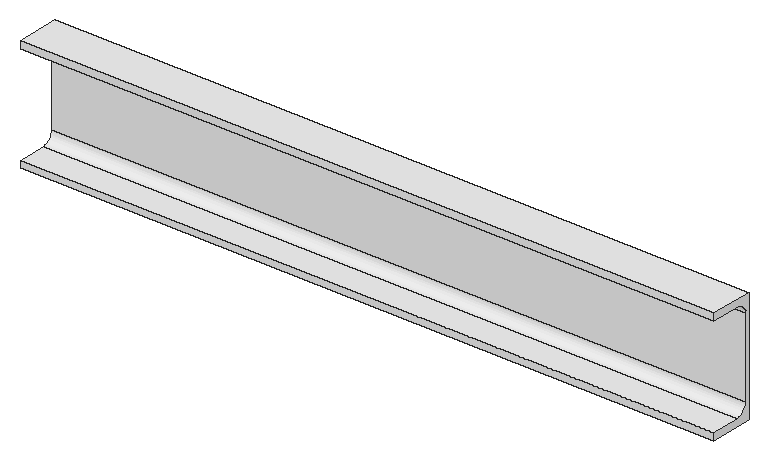
Revit family
Parameters (values of type "PFC200x75")
  Start Extension Calculation [instance] = 3012.5 mm + Start Extension  # 3000 mm
  Start Extension [instance] = -12.5 mm
  End Extension Calculation [instance] = 3012.5 mm + End Extension  # 3000 mm
  End Extension [instance] = -12.5 mm
  Beam Material [instance] = Metal - Steel - 345 MPa
  Assembly Code = ""
  Angle [instance] = 0.00°
  A = 0.003 m²
  Length [instance] = 1500 mm
  W = 0.22555
  bf = 75 mm
  d = 200 mm
  tf = 12 mm
  tw = 6 mm
  x = 24.4 mm
Reference planes
  plane 1 "Center (Front/Back)": y = 0
  plane 2: z = 0
  plane 3 "Center (Left/Right)": x = 4.61
  plane 4 "Member Left": x = -604.99
  plane 5 "Member Right": x = 614.21
  plane 6: y = 24.4
  plane 7: y = -50.6
  plane 8 "Top": z = 100
  plane 9: z = -100
  plane 10 "t": y = 17.462
  plane 11 "Left": x = -757.39
  plane 12 "Right": x = 742.61
  plane 13: x = -604.99
  plane 14: x = 614.21
  plane 15: x = 2395.01
  plane 16: x = -2385.79
Forms (mm)
  Sweep 1, solid, material "Metal - Steel - 345 MPa" <- "Beam Material", detail levels fine
    path origin (0, 0, 0) x (1, 0, 0) y (0, 1, 0)
      loop
        line (614.21, 0) -> (-604.99, 0)
    profile "M_Parallel Channel-Profile-Fine : M_Parallel Channel-Profile-Fine" origin (4.61, 0, 0) x (0, -1, 0) y (0, 0, 1)
      loop
        line (-24.4, -100) -> (50.6, -100) -> (50.6, -88) -> (-0.4, -88)
        arc (-0.4, -88) -> (-13.128, -82.728) -> (-18.4, -70) r 18
        line (-18.4, -70) -> (-18.4, 70)
        arc (-18.4, 70) -> (-13.128, 82.728) -> (-0.4, 88) r 18
        line (-0.4, 88) -> (50.6, 88) -> (50.6, 100) -> (-24.4, 100) -> (-24.4, -100)
  Sweep 2, solid, material "Metal - Steel - 345 MPa" <- "Beam Material", detail levels medium
    path origin (0, 0, 0) x (1, 0, 0) y (0, 1, 0)
      loop
        line (614.21, 0) -> (-604.99, 0)
    profile "M_Parallel Channel-Profile-Medium : M_Parallel Channel-Profile-Medium" origin (4.61, 0, 0) x (0, -1, 0) y (0, 0, 1)
      loop
        line (-24.4, -100) -> (50.6, -100) -> (50.6, -88) -> (-18.4, -88) -> (-18.4, 88) -> (50.6, 88) -> (50.6, 100) -> (-24.4, 100) -> (-24.4, -100)
Lines and regions (mm)
  symbolic lines, style "Hidden Faces", detail levels medium+fine
    curve 1: line (-604.99, 17.462, 0) -> (614.21, 17.462, 0)
    curve 2: line (-604.99, 17.462, 86.531) -> (614.21, 17.462, 86.531)
    curve 3: line (-604.99, 17.462, -86.531) -> (614.21, 17.462, -86.531)
  reference lines
    curve 4: line (4.61, 0, 0) -> (4.61, 0, 15)
  symbolic lines, style "Stick Symbols", detail levels coarse
    curve 5: line (4.61, 24.4, 100) -> (4.61, -50.6, 100)
    curve 6: line (4.61, 24.4, -100) -> (4.61, 24.4, 100)
    curve 7: line (4.61, -50.6, -100) -> (4.61, 24.4, -100)
Dimensions and locks
  "bf": plane 6 to plane 7
  "d": plane 9 to plane 8 "Top"
  "x": plane 6 to plane 1 "Center (Front/Back)"
  equal spacing: plane 9, plane 2, plane 8 "Top"
  "Length": plane 11 "Left" to plane 12 "Right"
  locked: plane 4 "Member Left" to plane 15 at 3000
  locked: plane 16 to plane 5 "Member Right" at 3000
  "Start Extension Calculation": plane 13 to plane 15
  "End Extension Calculation": plane 16 to plane 14
  "Angle": angle plane 1 "Center (Front/Back)" to curve 4
  aligned and locked: Sweep 1 sketch curve to plane 1 "Center (Front/Back)"
  aligned and locked: Sweep 2 sketch curve to plane 1 "Center (Front/Back)"
  aligned and locked: curve 5 to Sweep 2
  aligned and locked: curve 6 to Sweep 2
  aligned and locked: Sweep 2 to curve 7
  aligned and locked: Sweep 2 to curve 5
  aligned and locked: curve 7 to Sweep 2
  aligned and locked: plane 13 to Sweep 2 sketch curve
  aligned and locked: plane 14 to Sweep 2 sketch curve
  aligned and locked: plane 13 to Sweep 1 sketch curve
  aligned and locked: plane 14 to Sweep 1 sketch curve
  aligned and locked: plane 13 to curve 1
  aligned and locked: plane 14 to curve 1
  aligned and locked: plane 1 "Center (Front/Back)" to curve 4
Automatic sketch dimensions
  curve 1 to plane 10 "t" = 0 mm
  curve 3 to plane 4 "Member Left" = 0 mm
  curve 2 to plane 4 "Member Left" = 0 mm
  curve 3 to plane 5 "Member Right" = 0 mm
  curve 2 to plane 5 "Member Right" = 0 mm
  curve 3 to plane 9 = 13.469 mm
  plane 8 "Top" to curve 2 = 13.469 mm
  curve 4 to level = 0 mm
